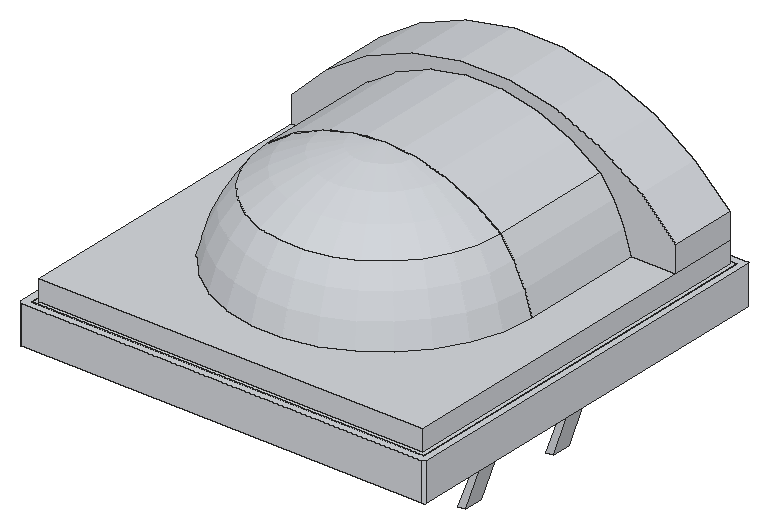
Revit family "Gira_537526", category Electrical Fixtures, host Face, Revit 2017
Family settings
  Host = Face
  Maintain Annotation Orientation = Yes
  Round Connector Dimension = Use Diameter
  Part Type = Normal
  Cut with Voids When Loaded = No
  Shared = No
  Room Calculation Point = No
Parameters (values of type "S3000 Beweg.m.aufs. 2,20 m Standard System 55 F Alu")
  Werkstoffgüte = "sonstige"
  Werkstoff = "sonstige"
  Vernetzbar = "No"
  Unterkriechschutz/Rückfeldüberwachung = "No"
  URL = "http://katalog.gira.de/de_DE/datenblatt.html?artikelnr=537526"
  Treppenhausüberwachung = "Yes"
  Tierschneise = "No"
  Teach-Funktion für Ansprechhelligkeit = "No"
  Region = "DE"
  Name = "S3000 Beweg.m.aufs. 2,20 m Standard System 55 F Alu"
  Montagehöhe = "2,2 m"
  Montageart = "unter Putz"
  Max. Reichweite zu einer Seite = "3 m"
  Max. Reichweite frontal = "12 m"
  Max. Einschaltdauer = "120 s"
  Manufacturer URL = "https://www.gira.de/"
  Konstantlichtregelung = "No"
  Keynote = "Bewegungsmelder_2,20m"
  HeinzeBIM = "https://bimportal.heinze.de/bim/s3000-beweg-m-aufs-2-20-m-standard-system-55-f-alu/f6bb1524d292caec79401aa0640923ac547afd97"
  Halogenfrei = "No"
  HLK-Ansteuerung = "No"
  HAN = "537526"
  Geeignet für drahtlose Übertragung = "No"
  Geeignet für Schutzart (IP) = "IP20"
  GTIN = "4010337051152"
  Farbe = "aluminium"
  Erfassungswinkel horizontal = "1 - 180"
  Default Elevation = 1219.2 mm
  Data sheet (1) = "https://katalog.gira.de/de_DE/download.html?artikelnr=537526"
  Category = "Bewegungsmelder-Sensor"
  Available = "Yes"
  Ausführung = "Bewegungsmelder"
  Ansprechhelligkeit einstellbar = "No"
  Ansprechempfindlichkeit einstellbar = "Yes"
Reference planes
  plane 1 "Center (Front/Back)": y = 0
  plane 2: z = 0
  plane 3 "Center (Left/Right)": x = 0
Forms (mm)
  Extrusion 1, solid, detail levels fine
    sketch origin (0, 0, 0) x (1, 0, 0) y (0, 0, 1)
      loop
        line (-33.25, 14.602) -> (-33.25, 10.1) -> (33.25, 10.1) -> (33.25, 14.602)
        arc (33.25, 14.602) -> (0, 30.256) -> (-33.25, 14.602) r 43.139
    from -33.25 to -21.609
  Extrusion 2, solid, detail levels fine
    sketch origin (0, 0, 0) x (1, 0, 0) y (0, 1, 0)
      loop
        line (-33.25, 33.25) -> (-33.25, -33.25) -> (33.25, -33.25) -> (33.25, 33.25) -> (-33.25, 33.25)
    from 6.6 to 10.1
  Extrusion 3, solid, detail levels fine
    sketch origin (0, 0, 0) x (1, 0, 0) y (0, 0, 1)
      loop
        arc (20.138, 21.225) -> (0, 28.457) -> (-20.138, 21.225) r 31.652
        arc (-20.138, 21.225) -> (-23.48, 15.984) -> (-25.486, 10.1) r 26.053
        line (-25.486, 10.1) -> (25.486, 10.1)
        arc (25.486, 10.1) -> (23.48, 15.984) -> (20.138, 21.225) r 26.053
    from -21.609 to 0
  Revolve 4, solid, detail levels fine
    sketch origin (0, 0, 0) x (1, 0, 0) y (0, 0, 1)
      loop
        arc (0, 28.457) -> (-10.699, 26.594) -> (-20.138, 21.225) r 31.652
        arc (-20.138, 21.225) -> (-23.48, 15.984) -> (-25.486, 10.1) r 26.053
        line (-25.486, 10.1) -> (0, 10.1) -> (0, 28.457)
      axis (0, 28.457) -> (0, 10.1)
    angle from -180 to 0
  Extrusion 5, solid, detail levels fine
    sketch origin (0, 0, 0) x (1, 0, 0) y (0, 1, 0)
      loop
        spline (-34.7, 35.2) -> (-34.765, 35.196) -> (-34.829, 35.183) -> (-34.891, 35.162) -> (-34.95, 35.133) -> (-35.004, 35.097) -> (-35.054, 35.054) -> (-35.097, 35.004) -> (-35.133, 34.95) -> (-35.162, 34.891) -> (-35.183, 34.829) -> (-35.196, 34.765) -> (-35.2, 34.7)
        line (-35.2, 34.7) -> (-35.2, -34.7)
        spline (-35.2, -34.7) -> (-35.196, -34.765) -> (-35.183, -34.829) -> (-35.162, -34.891) -> (-35.133, -34.95) -> (-35.097, -35.004) -> (-35.054, -35.054) -> (-35.004, -35.097) -> (-34.95, -35.133) -> (-34.891, -35.162) -> (-34.829, -35.183) -> (-34.765, -35.196) -> (-34.7, -35.2)
        line (-34.7, -35.2) -> (34.7, -35.2)
        spline (34.7, -35.2) -> (34.765, -35.196) -> (34.829, -35.183) -> (34.891, -35.162) -> (34.95, -35.133) -> (35.004, -35.097) -> (35.054, -35.054) -> (35.097, -35.004) -> (35.133, -34.95) -> (35.162, -34.891) -> (35.183, -34.829) -> (35.196, -34.765) -> (35.2, -34.7)
        line (35.2, -34.7) -> (35.2, 34.7)
        spline (35.2, 34.7) -> (35.196, 34.765) -> (35.183, 34.829) -> (35.162, 34.891) -> (35.133, 34.95) -> (35.097, 35.004) -> (35.054, 35.054) -> (35.004, 35.097) -> (34.95, 35.133) -> (34.891, 35.162) -> (34.829, 35.183) -> (34.765, 35.196) -> (34.7, 35.2)
        line (34.7, 35.2) -> (-34.7, 35.2)
      loop
        line (-33.986, 33.986) -> (-33.986, -33.986) -> (33.986, -33.986) -> (33.986, 33.986) -> (-33.986, 33.986)
    from 0 to 6.6
  Extrusion 6, solid, detail levels fine
    sketch origin (0, 0, 0) x (1, 0, 0) y (0, 1, 0)
      loop
        line (-33.986, 33.986) -> (-33.986, -33.986) -> (33.986, -33.986) -> (33.986, 33.986) -> (-33.986, 33.986)
    from 5 to 6.6
  Extrusion 7, solid
    sketch origin (0, 0, 0) x (1, 0, 0) y (0, 1, 0)
      loop
        line (-23.656, 22.752) -> (-23.656, -22.748)
        arc (-23.656, -22.748) -> (-23.409, -23.369) -> (-22.801, -23.65) r 0.904
        line (-22.801, -23.65) -> (22.796, -23.65)
        arc (22.796, -23.65) -> (23.404, -23.369) -> (23.656, -22.748) r 0.904
        line (23.656, -22.748) -> (23.652, 22.752)
        arc (23.652, 22.752) -> (23.404, 23.374) -> (22.796, 23.655) r 0.904
        line (22.796, 23.655) -> (-22.801, 23.655)
        arc (-22.801, 23.655) -> (-23.409, 23.374) -> (-23.656, 22.752) r 0.904
    from -3.2 to 5
  Extrusion 8, solid, detail levels fine
    sketch origin (0, 0, 0) x (1, 0, 0) y (0, 1, 0)
      loop
        line (-27.334, -25) -> (-26.366, -25) -> (-26.366, 26.298) -> (26.366, 26.298) -> (26.366, -25) -> (27.334, -25) -> (27.334, 27.402) -> (-27.334, 27.402) -> (-27.334, -25)
    from -1.1 to 5
  Extrusion 9, solid, detail levels fine
    sketch origin (0, 0, 0) x (1, 0, 0) y (0, 1, 0)
      loop
        line (-5.141, 20.682) -> (-5.141, 15.098)
        spline (-5.141, 15.098) -> (-5.133, 14.968) -> (-5.107, 14.84) -> (-5.065, 14.716) -> (-5.007, 14.599) -> (-4.935, 14.49) -> (-4.849, 14.391) -> (-4.75, 14.305) -> (-4.641, 14.233) -> (-4.524, 14.175) -> (-4.4, 14.133) -> (-4.272, 14.107) -> (-4.142, 14.099)
        line (-4.142, 14.099) -> (4.142, 14.099)
        spline (4.142, 14.099) -> (4.272, 14.107) -> (4.4, 14.133) -> (4.524, 14.175) -> (4.641, 14.233) -> (4.75, 14.305) -> (4.849, 14.391) -> (4.935, 14.49) -> (5.007, 14.599) -> (5.065, 14.716) -> (5.107, 14.84) -> (5.133, 14.968) -> (5.141, 15.098)
        line (5.141, 15.098) -> (5.141, 20.682)
        spline (5.141, 20.682) -> (5.133, 20.812) -> (5.107, 20.94) -> (5.065, 21.064) -> (5.007, 21.181) -> (4.935, 21.29) -> (4.849, 21.389) -> (4.75, 21.475) -> (4.641, 21.547) -> (4.524, 21.605) -> (4.4, 21.647) -> (4.272, 21.673) -> (4.142, 21.681)
        line (4.142, 21.681) -> (-4.142, 21.681)
        spline (-4.142, 21.681) -> (-4.272, 21.673) -> (-4.4, 21.647) -> (-4.524, 21.605) -> (-4.641, 21.547) -> (-4.75, 21.475) -> (-4.849, 21.389) -> (-4.935, 21.29) -> (-5.007, 21.181) -> (-5.065, 21.064) -> (-5.107, 20.94) -> (-5.133, 20.812) -> (-5.141, 20.682)
    from -19.6 to -3.2
  Extrusion 10, solid, detail levels fine
    sketch origin (0, 0, 0) x (1, 0, 0) y (0, 0, 1)
      loop
        line (-24.966, -3.825) -> (-25.395, -8.726) -> (-23.048, -15.543) -> (-21.665, -15.713) -> (-24.338, -8.563) -> (-23.422, -1.1) -> (-25.014, -1.1) -> (-24.966, -3.825)
      loop
        line (24.966, -3.825) -> (25.014, -1.1) -> (23.422, -1.1) -> (24.338, -8.563) -> (21.665, -15.713) -> (23.048, -15.543) -> (25.395, -8.726) -> (24.966, -3.825)
    from -11.1 to -7.9
  Extrusion 11, solid, detail levels fine
    sketch origin (0, 0, 0) x (1, 0, 0) y (0, 0, -1)
      loop
        line (-24.966, 3.825) -> (-25.014, 1.1) -> (-23.422, 1.1) -> (-24.338, 8.563) -> (-21.665, 15.713) -> (-23.048, 15.543) -> (-25.395, 8.726) -> (-24.966, 3.825)
      loop
        line (24.966, 3.825) -> (25.395, 8.726) -> (23.048, 15.543) -> (21.665, 15.713) -> (24.338, 8.563) -> (23.422, 1.1) -> (25.014, 1.1) -> (24.966, 3.825)
    from -11.1 to -7.9
  Extrusion 12, solid
    sketch origin (0, 0, 0) x (1, 0, 0) y (0, 1, 0)
      loop
        line (-23.656, 22.752) -> (-23.656, -22.748)
        arc (-23.656, -22.748) -> (-23.409, -23.369) -> (-22.801, -23.65) r 0.904
        line (-22.801, -23.65) -> (22.796, -23.65)
        arc (22.796, -23.65) -> (23.404, -23.369) -> (23.656, -22.748) r 0.904
        line (23.656, -22.748) -> (23.652, 22.752)
        arc (23.652, 22.752) -> (23.404, 23.374) -> (22.796, 23.655) r 0.904
        line (22.796, 23.655) -> (-22.801, 23.655)
        arc (-22.801, 23.655) -> (-23.409, 23.374) -> (-23.656, 22.752) r 0.904
    from -3.2 to 5
  Extrusion 13, solid, detail levels medium
    sketch origin (0, 0, 0) x (1, 0, 0) y (0, 1, 0)
      loop
        line (-35.2, 35.2) -> (-35.2, -35.2) -> (35.2, -35.2) -> (35.2, 35.2) -> (-35.2, 35.2)
    from 0 to 6.6
  Extrusion 14, solid, detail levels medium
    sketch origin (0, 0, 0) x (1, 0, 0) y (0, 1, 0)
      loop
        line (-33.25, 33.25) -> (-33.25, -33.25) -> (33.25, -33.25) -> (33.25, 33.25) -> (-33.25, 33.25)
    from 6.6 to 30.256
  Extrusion 15, solid, detail levels medium
    sketch origin (0, 0, 0) x (1, 0, 0) y (0, 1, 0)
      loop
        line (-23.656, 23.655) -> (-23.656, -23.65) -> (23.656, -23.65) -> (23.656, 23.655) -> (-23.656, 23.655)
    from -3.2 to 5
  Extrusion 16, solid, detail levels medium
    sketch origin (0, 0, 0) x (1, 0, 0) y (0, 0, 1)
      loop
        line (-25.014, -1.1) -> (-25.014, -15.713) -> (-21.665, -15.713) -> (-21.665, -1.1) -> (-25.014, -1.1)
      loop
        line (25.014, -1.1) -> (21.665, -1.1) -> (21.665, -15.713) -> (25.014, -15.713) -> (25.014, -1.1)
    from -11.1 to -7.9
  Extrusion 17, solid, detail levels medium
    sketch origin (0, 0, 0) x (1, 0, 0) y (0, 0, -1)
      loop
        line (-25.014, 1.1) -> (-21.665, 1.1) -> (-21.665, 15.713) -> (-25.014, 15.713) -> (-25.014, 1.1)
      loop
        line (25.014, 1.1) -> (25.014, 15.713) -> (21.665, 15.713) -> (21.665, 1.1) -> (25.014, 1.1)
    from -11.1 to -7.9
  Extrusion 18, solid, detail levels medium
    sketch origin (0, 0, 0) x (1, 0, 0) y (0, 1, 0)
      loop
        line (-5.141, 14.099) -> (5.141, 14.099) -> (5.141, 21.681) -> (-5.141, 21.681) -> (-5.141, 14.099)
    from -19.6 to -3.2
  Extrusion 19, solid, detail levels coarse
    sketch origin (0, 0, 0) x (1, 0, 0) y (0, 1, 0)
      loop
        line (-35.2, 35.2) -> (-35.2, -35.2) -> (35.2, -35.2) -> (35.2, 35.2) -> (-35.2, 35.2)
    from -19.6 to 30.256
Dimensions and locks
  aligned and locked: plane 2 to host face
  aligned and locked: level to host face
  aligned and locked: nested 1 to plane 3 "Center (Left/Right)"
  aligned and locked: plane 1 "Center (Front/Back)" to nested 1
Nested families
  nested 1: "Belegungssensor - Bewegung - Aufputz - Beschriftung" at (0, 0, 0) x (0, -1, 0) z (0, 0, 1), type "Belegungssensor - Bewegung - Aufputz - Beschriftung"
Connectors
  electrical at (0, 0, -19.6)
    settings: on Extrusion 19, index 1, voltage 220 V, apparent load 0 VA, apparent load phase1 0 VA, apparent load phase2 0 VA, apparent load phase3 0 VA, power factor 1, load classification "Other", number of poles 1, system type 30, power factor state 1, is connector primary yes, connector utility no, sub classification motor no, connector description ""
Definition of nested family "Belegungssensor - Bewegung - Aufputz - Beschriftung"
  Reference planes
    plane 1: y = 0
    plane 2: x = 0
  Lines and regions (mm)
    Filled region 1, type "Gefüllter Bereich 1"
      outline origin (143.425, -20.712, 0) x (1, 0, 0) y (0, 1, 0)
        loop
          line (-148.697, 21.204) -> (-148.697, 20.409) -> (-147.583, 20.807) -> (-148.697, 21.204)
    Filled region 2, type "Gefüllter Bereich 1"
      outline origin (141.808, 30.001, 0) x (0.939693, 0.34202, 0) y (-0.34202, 0.939693, 0)
        loop
          line (-148.694, 21.203) -> (-148.694, 20.41) -> (-147.583, 20.807) -> (-148.694, 21.203)
    Filled region 3, type "Gefüllter Bereich 1"
      outline origin (141.819, -29.825, 0) x (-0.34202, -0.939693, 0) y (0.939693, -0.34202, 0)
        loop
          line (21.204, -148.697) -> (20.807, -147.583) -> (20.409, -148.697) -> (21.204, -148.697)
    detail lines
      curve 1: line (-1.207, 0.095, 0) -> (-3.486, 1.411, 0)
      curve 2: line (-1.207, 0.095, 0) -> (-3.486, -1.221, 0)
      curve 5: arc (-3.252, 1.752, 0) -> (-3.839, 0.095, 0) -> (-3.252, -1.562, 0) r 2.632
      curve 6: line (-6, 3, 0) -> (0, 3, 0)
      curve 7: line (-6, -3, 0) -> (-6, 3, 0)
      curve 8: line (0, -3, 0) -> (-6, -3, 0)
      curve 9: line (0, 3, 0) -> (0, -3, 0)
    reference lines
      curve 3: line (-1.207, 0.095, 0) -> (-3.616, 2.046, 0)
      curve 4: line (-1.207, 0.095, 0) -> (-3.616, -1.856, 0)
  Dimensions and locks
    curve 1 to curve 1 = 2.632 mm
    curve 2 to curve 2 = 2.632 mm
    curve 6 to curve 8 = 6 mm
    curve 7 to curve 9 = 6 mm
    angle curve 1 to curve 2 = 60.00°
    aligned and locked: curve 6 to curve 7
    aligned and locked: curve 9 to curve 9
